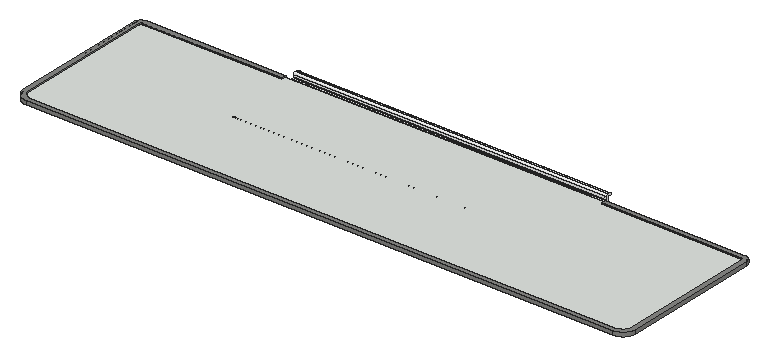
Revit family "Furniture-Mirror-KOHLER-FAMILY_CARE-K-25242T_1", category Specialty Equipment, host Face, Revit 2021
Family settings
  Host = Face
  Round Connector Dimension = Use Diameter
  Part Type = Normal
  OmniClass Number = 23.21.37.13.15
  OmniClass Title = Mirrors
  Cut with Voids When Loaded = No
  Shared = No
  Room Calculation Point = No
Parameters (values of type "NA-Mild Steel")
  Width = 25/64"  # constant formula
  WaterSense Certified = 1 = 0  # no
  URL = "http://www.kohler.com.cn/"
  Type = 1
  Product Page URL = "https://www.kohler.com.cn/product/K-25242T-NA/K-25242T-NA/"
  Product Name = "Family Care"  # constant formula
  Product Documentation Link = "https://files.kohler.com.cn/pdfs/1544091008127_25240T25241T25242T%E4%BA%B2%E6%82%A6%E9%95%9C%E6%9F%9C%E5%84%BF%E7%AB%A5%E9%95%9C%E8%AF%B4%E6%98%8E%E4%B9%A6.pdf"
  Model = if(Type = 1, "K-25242T-NA", "NA")  # "K-25242T-NA"
  Material = "Aluminium"  # constant formula
  Master Format 2014 Name = "Cabinet and Drawer Hardware"  # constant formula
  Master Format 2014 = "06 41 93"  # constant formula
  Manufacturer Address = "Kohler Beijing Office (100016) 36-2-03-B, No. 88, Liuxiang Road, Beijing"  # constant formula
  Manufacturer = "Kohler Co."  # constant formula
  Length = 38 135/256"  # constant formula
  Height = 10 147/256"  # constant formula
  Finish = KOHLER-Metal-NA-Mild_Silver
  Environmental Product Declaration = ""
  Description = "Children's Mirror 1000mm"  # constant formula
  Default Elevation = 48"
  Declare Label = ""
  Date Modified = "07/26/2022"  # constant formula
  Date Created = "07/26/2022"  # constant formula
  Copyright = "Copyright Kohler Co."  # constant formula
  Contact Us = "http://www.kohler.com.cn/contact/contact-us/"
  Assembly Code = "E20"
  ADA Compliant = 1 = 0  # no
Reference planes (in)
  plane 1 "Center (Front/Back)": y = 0
  plane 2: z = 0
  plane 3 "Center (Left/Right)": x = 0
  plane 4: y = 5.40551
  plane 5: y = -5.16871
  plane 6: x = -19.26378
  plane 7: x = 19.26356
  plane 8: x = -9.84252
  plane 9: x = 9.84252
  plane 10: y = 0.2874
  plane 11: y = 4.77617
  plane 12: x = 9.0624
  plane 13: x = -9.0624
  plane 14: z = 0.39062
  plane 15: z = 0.29134
Dimensions and locks (in)
  plane 8 to plane 9 = 19.68504"
  plane 3 "Center (Left/Right)" to plane 12 = 9.0624"
  plane 12 to plane 9 = 0.78012"
  plane 8 to plane 13 = 0.78012"
  plane 13 to plane 3 "Center (Left/Right)" = 9.0624"
  "Length": plane 6 to plane 7
  plane 5 to plane 11 = 9.94488"
  plane 11 to plane 5 = 9.94488"
  plane 15 to host face = 0.29134"
  plane 14 to host face = 25/64"
  plane 4 to plane 10 = 5.11811"
  plane 4 to plane 5 = 10 147/256"
  "Height": plane 5 to plane 4
  "Width": plane 14 to level
  plane 15 to level = 0.29134"
  aligned and locked: plane 2 to host face
  aligned and locked: level to host face
Automatic sketch dimensions
  host sketch curve to host sketch curve = 96"  (x2)
Nested families (in)
  nested 1: "K-25242T" at (0, 0, 0), type "K-25242T"
Definition of nested family "K-25242T"
  Parameters
    Material = none
    Default Elevation = 0"
  Reference planes (in)
    plane 1 "Center (Front/Back)": y = 0
    plane 2: z = 0
    plane 3 "Center (Left/Right)": x = 0
    plane 4: y = 5.40551
    plane 5: y = -5.16929
    plane 6: x = -19.26378
    plane 7: x = 19.26378
    plane 8: y = 4.77559
    plane 9: x = -9.84252
    plane 10: x = 9.84252
    plane 11: x = -9.05776
    plane 12: x = 9.0624
    plane 13: z = 0.38976
    plane 14: y = 0.2874
    plane 15: z = 0.29134
  Forms (in)
    Extrusion 1, solid, material <- "Material", detail levels medium+fine
      sketch origin (0, 0, 0) x (0, 1, 0) y (0, 0, 1)
        loop
          line (0.30761, 0) -> (5.10494, 0)
          arc (5.10494, 0) -> (5.18663, 0.03384) -> (5.22047, 0.11554) r 0.11554
          line (5.22047, 0.11554) -> (5.22047, 0.27131)
          arc (5.22047, 0.27131) -> (5.22634, 0.28547) -> (5.2405, 0.29134) r 0.02003
          line (5.2405, 0.29134) -> (5.38397, 0.29134)
          arc (5.38397, 0.29134) -> (5.3992, 0.29765) -> (5.40551, 0.31288) r 0.02154
          line (5.40551, 0.31288) -> (5.40551, 0.3691)
          arc (5.40551, 0.3691) -> (5.39946, 0.38371) -> (5.38484, 0.38976) r 0.02067
          line (5.38484, 0.38976) -> (5.2365, 0.38976)
          arc (5.2365, 0.38976) -> (5.15279, 0.35509) -> (5.11811, 0.27137) r 0.11839
          line (5.11811, 0.27137) -> (5.11811, 0.12257)
          arc (5.11811, 0.12257) -> (5.11219, 0.10828) -> (5.09791, 0.10236) r 0.0202
          line (5.09791, 0.10236) -> (4.93701, 0.10236) -> (4.9191, 0.07679) -> (4.89764, 0.10236) -> (0.30727, 0.10236)
          arc (0.30727, 0.10236) -> (0.29322, 0.09654) -> (0.2874, 0.08249) r 0.01987
          line (0.2874, 0.08249) -> (0.2874, 0.02021)
          arc (0.2874, 0.02021) -> (0.29332, 0.00592) -> (0.30761, 0) r 0.02021
      from -9.84252 to 9.84252
    Extrusion 2, solid
      sketch origin (0, 0, 0) x (1, 0, 0) y (0, 1, 0)
        loop
          line (18.8189, 4.72441) -> (-18.8189, 4.72441)
          arc (-18.8189, 4.72441) -> (-19.09729, 4.6091) -> (-19.2126, 4.33071) r 0.3937
          line (-19.2126, 4.33071) -> (-19.2126, -4.33071)
          arc (-19.2126, -4.33071) -> (-18.98197, -4.88749) -> (-18.4252, -5.11811) r 0.7874
          line (-18.4252, -5.11811) -> (18.4252, -5.11811)
          arc (18.4252, -5.11811) -> (18.98197, -4.88749) -> (19.2126, -4.33071) r 0.7874
          line (19.2126, -4.33071) -> (19.2126, 4.33071)
          arc (19.2126, 4.33071) -> (19.09729, 4.6091) -> (18.8189, 4.72441) r 0.3937
      from 0.12205 to 0.24016
    Sweep 3, solid, detail levels medium+fine
      path origin (0, 0, 0) x (1, 0, 0) y (0, 1, 0)
        loop
          line (-10.04596, 4.77559) -> (-18.79849, 4.77559)
          arc (-18.79849, 4.77559) -> (-19.1275, 4.63931) -> (-19.26378, 4.3103) r 0.46529
          line (-19.26378, 4.3103) -> (-19.26378, -4.32687)
          arc (-19.26378, -4.32687) -> (-19.01704, -4.92255) -> (-18.42136, -5.16929) r 0.84242
          line (-18.42136, -5.16929) -> (18.47638, -5.16929)
          arc (18.47638, -5.16929) -> (19.03315, -4.93867) -> (19.26378, -4.38189) r 0.7874
          line (19.26378, -4.38189) -> (19.26378, 4.32693)
          arc (19.26378, 4.32693) -> (19.13237, 4.64418) -> (18.81512, 4.77559) r 0.44866
          line (18.81512, 4.77559) -> (10.03937, 4.77559)
      profile origin (-14.42222, 4.77559, 0) x (0, -1, 0) y (0, 0, 1)
        loop
          line (0.31496, 0.24016) -> (0.31496, 0.29134) -> (0, 0.29134) -> (0, 0.07087) -> (0.31496, 0.07087) -> (0.31496, 0.12205) -> (0.05118, 0.12205) -> (0.05118, 0.24016) -> (0.31496, 0.24016)
    Extrusion 4, void
      sketch origin (0, 0, 0) x (1, 0, 0) y (0, 1, 0)
        loop
          circle (-9.05776, 4.9191) r 0.10016
        loop
          circle (0, 4.9191) r 0.09779
        loop
          circle (9.05341, 4.9191) r 0.09775
      from -0.02316 to 0.15354
    Blend 5, solid, material <- "Material", detail levels medium+fine
      base sketch origin (0, 0, 0) x (1, 0, 0) y (0, 1, 0)
        loop
          line (-17.8878, 3.39961) -> (-17.8878, 2.89961) -> (-17.3878, 2.89961) -> (-17.3878, 3.39961) -> (-17.8878, 3.39961)
      top sketch origin (0, 0, 0) x (1, 0, 0) y (0, 1, 0)
        loop
          line (-17.84412, 3.35593) -> (-17.84412, 2.94328) -> (-17.43147, 2.94328) -> (-17.43147, 3.35593) -> (-17.84412, 3.35593)
      from 0.07087 to 0
    Blend 6, solid, material <- "Material", detail levels medium+fine
      base sketch origin (0, -6.69291, 0) x (1, 0, 0) y (0, 1, 0)
        loop
          line (-17.8878, 3.39961) -> (-17.8878, 2.89961) -> (-17.3878, 2.89961) -> (-17.3878, 3.39961) -> (-17.8878, 3.39961)
      top sketch origin (0, -6.69291, 0) x (1, 0, 0) y (0, 1, 0)
        loop
          line (-17.84412, 3.35593) -> (-17.84412, 2.94328) -> (-17.43147, 2.94328) -> (-17.43147, 3.35593) -> (-17.84412, 3.35593)
      from 0.07087 to 0
    Blend 7, solid, material <- "Material", detail levels medium+fine
      base sketch origin (17.6378, -6.69291, 0) x (1, 0, 0) y (0, 1, 0)
        loop
          line (-17.8878, 3.39961) -> (-17.8878, 2.89961) -> (-17.3878, 2.89961) -> (-17.3878, 3.39961) -> (-17.8878, 3.39961)
      top sketch origin (17.6378, -6.69291, 0) x (1, 0, 0) y (0, 1, 0)
        loop
          line (-17.84412, 3.35593) -> (-17.84412, 2.94328) -> (-17.43147, 2.94328) -> (-17.43147, 3.35593) -> (-17.84412, 3.35593)
      from 0.07087 to 0
    Blend 8, solid, material <- "Material", detail levels medium+fine
      base sketch origin (35.27559, 0, 0) x (1, 0, 0) y (0, 1, 0)
        loop
          line (-17.8878, 3.39961) -> (-17.8878, 2.89961) -> (-17.3878, 2.89961) -> (-17.3878, 3.39961) -> (-17.8878, 3.39961)
      top sketch origin (35.27559, 0, 0) x (1, 0, 0) y (0, 1, 0)
        loop
          line (-17.84412, 3.35593) -> (-17.84412, 2.94328) -> (-17.43147, 2.94328) -> (-17.43147, 3.35593) -> (-17.84412, 3.35593)
      from 0.07087 to 0
    Blend 9, solid, material <- "Material", detail levels medium+fine
      base sketch origin (35.27559, -6.69291, 0) x (1, 0, 0) y (0, 1, 0)
        loop
          line (-17.8878, 3.39961) -> (-17.8878, 2.89961) -> (-17.3878, 2.89961) -> (-17.3878, 3.39961) -> (-17.8878, 3.39961)
      top sketch origin (35.27559, -6.69291, 0) x (1, 0, 0) y (0, 1, 0)
        loop
          line (-17.84412, 3.35593) -> (-17.84412, 2.94328) -> (-17.43147, 2.94328) -> (-17.43147, 3.35593) -> (-17.84412, 3.35593)
      from 0.07087 to 0
    Extrusion 10, solid, material <- "Material", detail levels coarse
      sketch origin (0, 0, 0) x (0, 1, 0) y (0, 0, 1)
        loop
          line (5.11811, 0.38976) -> (5.11811, 0.10236) -> (0.2874, 0.10236) -> (0.2874, 0) -> (5.22047, 0) -> (5.22047, 0.29134) -> (5.40551, 0.29134) -> (5.40551, 0.38976) -> (5.11811, 0.38976)
      from -9.84252 to 9.84252
    Sweep 11, solid, detail levels coarse
      path origin (0, 0, 0) x (1, 0, 0) y (0, 1, 0)
        loop
          line (-10.04596, 4.77559) -> (-19.26378, 4.77559) -> (-19.26378, -5.16929) -> (19.26378, -5.16929) -> (19.26378, 4.77559) -> (10.03937, 4.77559)
      profile origin (-14.65487, 4.77559, 0) x (0, -1, 0) y (0, 0, 1)
        loop
          line (0.31496, 0.24016) -> (0.31496, 0.29134) -> (0, 0.29134) -> (0, 0.07087) -> (0.31496, 0.07087) -> (0.31496, 0.12205) -> (0.05118, 0.12205) -> (0.05118, 0.24016) -> (0.31496, 0.24016)
  Cuts and joins
    Extrusion 4 cuts Extrusion 1
    joined: Extrusion 1, Blend 5, Blend 6, Blend 7, Blend 8, Blend 9
  Lines and regions (in)
    Masking region 1
      outline origin (0, 0, 0) x (1, 0, 0) y (0, 1, 0)
        loop
          line (-10.04596, 4.77559) -> (-18.79849, 4.77559)
          arc (-18.79849, 4.77559) -> (-19.1275, 4.63931) -> (-19.26378, 4.3103) r 0.46529
          line (-19.26378, 4.3103) -> (-19.26378, -4.32687)
          arc (-19.26378, -4.32687) -> (-19.01704, -4.92255) -> (-18.42136, -5.16929) r 0.84242
          line (-18.42136, -5.16929) -> (18.47638, -5.16929)
          arc (18.47638, -5.16929) -> (19.03315, -4.93867) -> (19.26378, -4.38189) r 0.7874
          line (19.26378, -4.38189) -> (19.26378, 4.32693)
          arc (19.26378, 4.32693) -> (19.13237, 4.64418) -> (18.81512, 4.77559) r 0.44866
          line (18.81512, 4.77559) -> (10.03937, 4.77559) -> (10.03937, 4.72441) -> (9.84252, 4.72441) -> (9.84252, 5.40551) -> (-9.84252, 5.40551) -> (-9.84252, 4.72441) -> (-10.04596, 4.72441) -> (-10.04596, 4.77559)
    Masking region 2
      outline origin (0, 0, 0) x (1, 0, 0) y (0, 0, 1)
        loop
          line (19.26378, 0.29134) -> (9.84252, 0.29134) -> (9.84252, 0.38976) -> (-9.84252, 0.38976) -> (-9.84252, 0.29134) -> (-19.26378, 0.29134) -> (-19.26378, 0.07087) -> (-17.8878, 0.07087) -> (-17.84412, 0) -> (-17.43147, 0) -> (-17.3878, 0.07087) -> (-9.84252, 0.07087) -> (-9.84252, 0) -> (9.84252, 0) -> (9.84252, 0.07087) -> (17.3878, 0.07087) -> (17.43147, 0) -> (17.84412, 0) -> (17.8878, 0.07087) -> (19.26378, 0.07087) -> (19.26378, 0.29134)
    Masking region 3
      outline origin (0, 0, 0) x (0, 1, 0) y (0, 0, 1)
        loop
          line (5.24159, 0.29134) -> (5.38091, 0.29134)
          arc (5.38091, 0.29134) -> (5.39831, 0.29854) -> (5.40551, 0.31594) r 0.0246
          line (5.40551, 0.31594) -> (5.40551, 0.36893)
          arc (5.40551, 0.36893) -> (5.39941, 0.38366) -> (5.38468, 0.38976) r 0.02083
          line (5.38468, 0.38976) -> (5.2343, 0.38976)
          arc (5.2343, 0.38976) -> (5.15214, 0.35573) -> (5.11811, 0.27357) r 0.11619
          line (5.11811, 0.27357) -> (5.11811, 0.12524)
          arc (5.11811, 0.12524) -> (5.11141, 0.10906) -> (5.09523, 0.10236) r 0.02288
          line (5.09523, 0.10236) -> (4.93701, 0.10236) -> (4.9191, 0.07679) -> (4.89764, 0.10236) -> (4.77559, 0.10236) -> (4.77559, 0.29134) -> (-5.16929, 0.29134) -> (-5.16929, 0.07087) -> (-3.79331, 0.07087) -> (-3.74963, 0) -> (-3.33698, 0) -> (-3.29331, 0.07087) -> (0.2874, 0.07087) -> (0.2874, 0.02128)
          arc (0.2874, 0.02128) -> (0.29363, 0.00623) -> (0.30868, 0) r 0.02128
          line (0.30868, 0) -> (5.10132, 0)
          arc (5.10132, 0) -> (5.18557, 0.0349) -> (5.22047, 0.11915) r 0.11915
          line (5.22047, 0.11915) -> (5.22047, 0.27022)
          arc (5.22047, 0.27022) -> (5.22666, 0.28515) -> (5.24159, 0.29134) r 0.02112
    symbolic lines, detail levels medium+fine
      curve 1: line (10.03937, 4.72441, 0) -> (-10.04596, 4.72441, 0)
      curve 2: line (10.03937, 4.69291, 0) -> (-10.04596, 4.69291, 0)
      curve 3: line (-9.84252, 5.11811, 0) -> (9.84252, 5.11811, 0)
      curve 4: arc (-9.15792, 4.9191, 0) -> (-9.05776, 4.81894, 0) -> (-8.9576, 4.9191, 0) r 0.10016
      curve 5: arc (-8.9576, 4.9191, 0) -> (-9.05776, 5.01926, 0) -> (-9.15792, 4.9191, 0) r 0.10016
      curve 6: line (-9.84252, 4.93701, 0) -> (-9.15631, 4.93701, 0)
      curve 7: line (-8.95922, 4.93701, 0) -> (-0.09614, 4.93701, 0)
      curve 8: line (-8.95993, 4.89764, 0) -> (-0.09541, 4.89764, 0)
      curve 9: line (-9.84252, 4.89764, 0) -> (-9.15559, 4.89764, 0)
      curve 10: arc (-0.09614, 4.93701, 0) -> (-0.00899, 4.82172, 0) -> (0.09779, 4.9191, 0) r 0.09779
      curve 11: arc (0.09779, 4.9191, 0) -> (0, 5.01689, 0) -> (-0.09779, 4.9191, 0) r 0.09779
      curve 12: line (0.09614, 4.93701, 0) -> (8.95731, 4.93701, 0)
      curve 13: line (0.09541, 4.89764, 0) -> (8.95804, 4.89764, 0)
      curve 14: arc (9.15115, 4.9191, 0) -> (9.0624, 5.01643, 0) -> (8.95731, 4.93701, 0) r 0.09775
      curve 15: arc (8.95566, 4.9191, 0) -> (9.05341, 4.82135, 0) -> (9.15115, 4.9191, 0) r 0.09775
      curve 16: line (9.1495, 4.93701, 0) -> (9.84252, 4.93701, 0)
      curve 17: line (9.14877, 4.89764, 0) -> (9.84252, 4.89764, 0)
      curve 18: arc (9.15115, 4.9191, 0) -> (9.05341, 5.01685, 0) -> (8.95566, 4.9191, 0) r 0.09775
      curve 19: line (-18.94882, -4.32687, 0) -> (-18.94882, 4.3103, 0)
      curve 20: arc (-18.79849, 4.46063, 0) -> (-18.90479, 4.4166, 0) -> (-18.94882, 4.3103, 0) r 0.15033
      curve 21: line (-18.79849, 4.46063, 0) -> (-10.04596, 4.46063, 0)
      curve 22: arc (-18.94882, -4.32687, 0) -> (-18.79433, -4.69984, 0) -> (-18.42136, -4.85433, 0) r 0.52746
      curve 23: line (18.47638, -4.85433, 0) -> (-18.42136, -4.85433, 0)
      curve 24: arc (18.47638, -4.85433, 0) -> (18.81044, -4.71596, 0) -> (18.94882, -4.38189, 0) r 0.47244
      curve 25: line (18.94882, 4.32693, 0) -> (18.94882, -4.38189, 0)
      curve 26: line (10.03937, 4.46063, 0) -> (18.81512, 4.46063, 0)
      curve 27: arc (18.94882, 4.32693, 0) -> (18.90966, 4.42147, 0) -> (18.81512, 4.46063, 0) r 0.1337
      curve 28: line (10.03937, 4.77559, 0) -> (10.03937, 4.46063, 0)
      curve 29: line (-10.04596, 4.77559, 0) -> (-10.04596, 4.46063, 0)
      curve 30: line (9.84252, 0, 0) -> (9.84252, 0, 0.37795)
      curve 31: line (17.8878, 0, 0.07087) -> (17.3878, 0, 0.07087)
      curve 32: line (-10.04596, 0, 0.12205) -> (-9.84252, 0, 0.12205)
      curve 33: line (9.84252, 0, 0.37795) -> (-9.84252, 0, 0.37795)
      curve 34: line (9.84252, 0, 0.30315) -> (-9.84252, 0, 0.30315)
      curve 35: line (9.84252, 0, 0.27953) -> (-9.84252, 0, 0.27953)
      curve 36: line (-9.84252, 0, 0.37795) -> (-9.84252, 0, 0)
      curve 37: line (-10.04596, 0, 0.29134) -> (-10.04596, 0, 0.07087)
      curve 38: line (10.03937, 0, 0.29134) -> (10.03937, 0, 0.07087)
      curve 39: line (-18.8189, 0, 0.29134) -> (-18.8189, 0, 0.07087)
      curve 40: line (-9.84252, 0, 0.24016) -> (-10.04596, 0, 0.24016)
      curve 41: line (-9.84252, 0, 0.20866) -> (-10.04596, 0, 0.20866)
      curve 42: line (-10.04596, 0, 0.15354) -> (-9.84252, 0, 0.15354)
      curve 43: line (-17.3878, 0, 0.07087) -> (-17.8878, 0, 0.07087)
      curve 44: line (10.03937, 0, 0.24016) -> (9.84252, 0, 0.24016)
      curve 45: line (10.03937, 0, 0.20866) -> (9.84252, 0, 0.20866)
      curve 46: line (9.84252, 0, 0.12205) -> (10.03937, 0, 0.12205)
      curve 47: line (9.84252, 0, 0.15354) -> (10.03937, 0, 0.15354)
      curve 48: line (18.8189, 0, 0.29134) -> (18.8189, 0, 0.07087)
      curve 49: line (9.84252, 0, 0.11811) -> (-9.84252, 0, 0.11811)
      curve 50: line (-9.84252, 0, 0.07679) -> (9.84252, 0, 0.07679)
      curve 51: line (9.84252, 0, 0.08268) -> (-9.84252, 0, 0.08268)
      curve 52: line (9.84252, 0, 0.27165) -> (-9.84252, 0, 0.27165)
      curve 53: line (0, -5.16929, 0.07087) -> (0, 4.77559, 0.07087)
      curve 54: line (0, 4.77559, 0.07087) -> (0, 4.77559, 0.10236)
      curve 55: line (0, 0.2874, 0.07087) -> (0, 0.2874, 0.02021)
      curve 56: line (0, -4.33071, 0.29134) -> (0, -4.33071, 0.07087)
      curve 57: line (0, 4.33071, 0.29134) -> (0, 4.33071, 0.07087)
      curve 58: line (0, 2.89961, 0.07087) -> (0, 2.94328, 0)
      curve 59: line (0, 3.35593, 0) -> (0, 3.39961, 0.07087)
  Dimensions and locks (in)
    plane 8 to plane 5 = 9.94488"  (x2)
    plane 6 to plane 7 = 38.52756"
    plane 9 to plane 10 = 19.68504"
    plane 11 to plane 3 "Center (Left/Right)" = 9.05776"
    plane 3 "Center (Left/Right)" to plane 12 = 9.0624"
    plane 9 to plane 11 = 0.78476"
    plane 12 to plane 10 = 0.78012"
    plane 4 to plane 14 = 5.11811"
    plane 4 to plane 5 = 10.5748"
    level to plane 13 = 0.38976"
    plane 15 to level = 0.29134"
    aligned and locked: plane 2 to level
